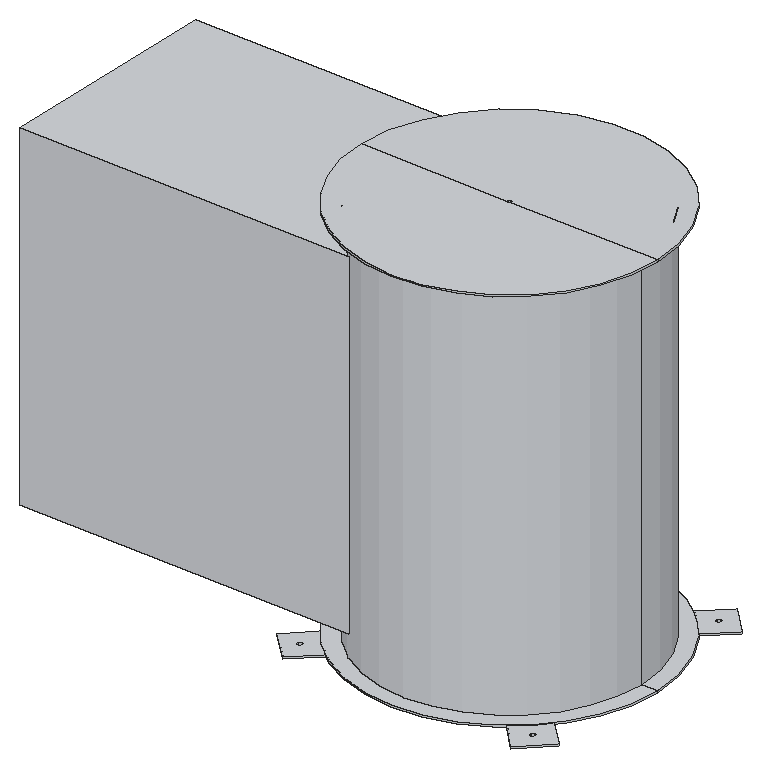
Revit family "AFB-S_Upblast_Floor_Mount", category Mechanical Equipment, Revit 2019
Family settings
  Round Connector Dimension = Use Radius
  Part Type = Normal
  Work Plane-Based = No
  Always vertical = Yes
  Cut with Voids When Loaded = No
  Shared = No
  Room Calculation Point = No
Parameters (values of type "20_AFB-S_UPBLAST_FLOOR")
  Unit Weight [instance] = ""
  ModelID [instance] = ""
  L/2 = L / 2  # 0' - 9 5/16"
  L = 1' - 6 5/8"
  K/2 = K / 2  # 0' - 0 3/16"
  K = 0' - 0 3/8"
  J/2 = J / 2  # 1' - 1 5/32"
  Accessories [instance] = ""
  45 = 45.00°  # constant formula
  (L-1")/2 = (L - 0' 1") / 2  # 0' - 8 13/16"
  (J+(J-A))/2 = (J + ((J - A) / 2)) / 2  # 1' - 2 33/64"
  J = 2' - 2 5/16"
  CENTER = 0' - 0"  # constant formula
  H-(A/2) = H - (A / 2)  # 1' - 9 11/16"
  H+J = H + CENTER  # 2' - 8 1/8"
  H = 2' - 8 1/8"
  Sones [instance] = ""
  Motor RPM [instance] = ""
  Motor Enclosure [instance] = ""
  LwA [instance] = ""
  G = 6' - 0"
  Fan RPM [instance] = ""
  F/2 = F / 2  # 0' - 0 5/32"
  F = 0' - 0 5/16"
  E/2 = E / 2  # 1' - 3 1/2"
  E-2" = E - 0' 2"  # 2' - 5"
  E = 2' - 7"
  C/2+J = C / 2 + CENTER  # 0' - 11 3/16"
  C/2 = C / 2  # 0' - 11 3/16"
  C = 1' - 10 3/8"
  B/2 = B / 2  # 0' - 11 27/32"
  B = 1' - 11 11/16"
  A/3 = A / 2.5  # 0' - 8.35"
  A/2 = A / 2  # 0' - 10 7/16"
  A = 1' - 8 7/8"
  60 = 60.00°  # constant formula
  30 = 30.00°  # constant formula
  3" = 0' - 3"  # constant formula
  Brake Hp [instance] = ""
  4" = 0' - 4"  # constant formula
  2' = 2' - 0"
  2" = 0' - 2"  # constant formula
  1" = 0' - 1"  # constant formula
  0 = 0' - 0"  # constant formula
  Voltage [instance] = 0 V
  URL = "www.lorencook.com"
  Type Comments = "Tube Axial Fan Upblast Floor Mount Stainless Steel Construction Belt Drive Arrangement 9"  # constant formula
  Static Pressure [instance] = 0.00 in-wg
  Power [instance] = Voltage * Motor FLA * sqrt(if(Phase = 3, 3, 1))  # 0 VA
  Phase [instance] = 0
  Number of Poles [instance] = 1
  Motor Hp [instance] = "0"
  Motor FLA [instance] = 0 A
  Model = "AFB-S"  # constant formula
  Manufacturer = "Loren Cook Company"
  CFM [instance] = 0 CFM
  1.5 = 0' - 1 1/2"  # constant formula
  ONE EIGTH = 0' - 0 1/8"  # constant formula
  -E/2 = -E / 2  # -1' - 3 1/2"
  -(E-.25")/2 = -(E - 0' 0 1/4") / 2  # -1' - 3 3/8"
  (K/2)-((J-A-.25")/2) = (K / 2) - ((J - A - 0' 0 1/4") / 2)  # -0' - 2 13/32"
  (J-A-.25") = (J - A - 0' 0 1/4")  # 0' - 5 3/16"
  (H-(A/2))/2 = (H - (A / 2)) / 2  # 0' - 10 27/32"
  (E-.25")/2 = (E - 0' 0 1/4") / 2  # 1' - 3 3/8"
  (A+.25")/2 = (A + 0' 0 1/4") / 2  # 0' - 10 9/16"
Types (10): name | L/2 | L | K/2 | K | J/2 | (L-1")/2 | (J+(J-A))/2 | J | H-(A/2) | H+J | H | F/2 | F | E/2 | E-2" | E | C/2+J | C/2 | C | B/2 | B | A/3 | A/2 | A | -E/2 | -(E-.25")/2 | (K/2)-((J-A-.25")/2) | (J-A-.25") | (H-(A/2))/2 | (E-.25")/2 | (A+.25")/2
  (no name) | 0' - 9 5/16" | 1' - 6 5/8" | 0' - 0 3/16" | 0' - 0 3/8" | 1' - 1 5/32" | 0' - 8 13/16" | 1' - 2 33/64" | 2' - 2 5/16" | 1' - 9 11/16" | 2' - 8 1/8" | 2' - 8 1/8" | 0' - 0 5/32" | 0' - 0 5/16" | 1' - 3 1/2" | 2' - 5" | 2' - 7" | 0' - 11 3/16" | 0' - 11 3/16" | 1' - 10 3/8" | 0' - 11 27/32" | 1' - 11 11/16" | 0' - 8.35" | 0' - 10 7/16" | 1' - 8 7/8" | -1' - 3 1/2" | -1' - 3 3/8" | -0' - 2 13/32" | 0' - 5 3/16" | 0' - 10 27/32" | 1' - 3 3/8" | 0' - 10 9/16"
  12_AFB-S_UPBLAST_FLOOR | 0' - 6 3/8" | 1' - 0 3/4" | 0' - 0 3/16" | 0' - 0 3/8" | 0' - 9 1/32" | 0' - 5 7/8" | 0' - 10 21/64" | 1' - 6 1/16" | 1' - 6 3/16" | 2' - 0 5/8" | 2' - 0 5/8" | 0' - 0 5/32" | 0' - 0 5/16" | 0' - 11" | 1' - 8" | 1' - 10" | 0' - 7 5/16" | 0' - 7 5/16" | 1' - 2 5/8" | 0' - 7 13/16" | 1' - 3 5/8" | 0' - 5.15" | 0' - 6 7/16" | 1' - 0 7/8" | -0' - 11" | -0' - 10 7/8" | -0' - 2 9/32" | 0' - 4 15/16" | 0' - 9 3/32" | 0' - 10 7/8" | 0' - 6 9/16"
  16_AFB-S_UPBLAST_FLOOR | 0' - 7 13/16" | 1' - 3 5/8" | 0' - 0 3/16" | 0' - 0 3/8" | 0' - 11 1/32" | 0' - 7 5/16" | 1' - 0 21/64" | 1' - 10 1/16" | 1' - 9 11/16" | 2' - 6 1/8" | 2' - 6 1/8" | 0' - 0 5/32" | 0' - 0 5/16" | 1' - 0 1/2" | 1' - 11" | 2' - 1" | 0' - 9 5/16" | 0' - 9 5/16" | 1' - 6 5/8" | 0' - 9 13/16" | 1' - 7 5/8" | 0' - 6 3/4" | 0' - 8 7/16" | 1' - 4 7/8" | -1' - 0 1/2" | -1' - 0 3/8" | -0' - 2 9/32" | 0' - 4 15/16" | 0' - 10 27/32" | 1' - 0 3/8" | 0' - 8 9/16"
  18_AFB-S_UPBLAST_FLOOR | 0' - 8 1/2" | 1' - 5" | 0' - 0 3/16" | 0' - 0 3/8" | 1' - 0 1/32" | 0' - 8" | 1' - 1 21/64" | 2' - 0 1/16" | 1' - 9 11/16" | 2' - 7 1/8" | 2' - 7 1/8" | 0' - 0 5/32" | 0' - 0 5/16" | 1' - 0 1/2" | 1' - 11" | 2' - 1" | 0' - 10 5/16" | 0' - 10 5/16" | 1' - 8 5/8" | 0' - 10 13/16" | 1' - 9 5/8" | 0' - 7.55" | 0' - 9 7/16" | 1' - 6 7/8" | -1' - 0 1/2" | -1' - 0 3/8" | -0' - 2 9/32" | 0' - 4 15/16" | 0' - 10 27/32" | 1' - 0 3/8" | 0' - 9 9/16"
  24_AFB-S_UPBLAST_FLOOR | 0' - 10 7/8" | 1' - 9 3/4" | 0' - 0 3/16" | 0' - 0 3/8" | 1' - 3 13/32" | 0' - 10 3/8" | 1' - 4 57/64" | 2' - 6 13/16" | 2' - 3 7/16" | 3' - 3 7/8" | 3' - 3 7/8" | 0' - 0 7/32" | 0' - 0 7/16" | 1' - 3 1/2" | 2' - 5" | 2' - 7" | 1' - 1 7/16" | 1' - 1 7/16" | 2' - 2 7/8" | 1' - 2 9/16" | 2' - 5 1/8" | 0' - 9.95" | 1' - 0 7/16" | 2' - 0 7/8" | -1' - 3 1/2" | -1' - 3 3/8" | -0' - 2 21/32" | 0' - 5 11/16" | 1' - 1 23/32" | 1' - 3 3/8" | 1' - 0 9/16"
  28_AFB-S_UPBLAST_FLOOR | 1' - 0 5/16" | 2' - 0 5/8" | 0' - 0 3/16" | 0' - 0 3/8" | 1' - 5 13/32" | 0' - 11 13/16" | 1' - 6 57/64" | 2' - 10 13/16" | 2' - 3 7/16" | 3' - 5 7/8" | 3' - 5 7/8" | 0' - 0 7/32" | 0' - 0 7/16" | 1' - 3 1/2" | 2' - 5" | 2' - 7" | 1' - 3 7/16" | 1' - 3 7/16" | 2' - 6 7/8" | 1' - 4 9/16" | 2' - 9 1/8" | 0' - 11.55" | 1' - 2 7/16" | 2' - 4 7/8" | -1' - 3 1/2" | -1' - 3 3/8" | -0' - 2 21/32" | 0' - 5 11/16" | 1' - 1 23/32" | 1' - 3 3/8" | 1' - 2 9/16"
  32_AFB-S_UPBLAST_FLOOR | 1' - 2 1/8" | 2' - 4 1/4" | 0' - 0 7/32" | 0' - 0 7/16" | 1' - 7 31/32" | 1' - 1 5/8" | 1' - 9 45/64" | 3' - 3 15/16" | 2' - 4 3/4" | 3' - 9 1/4" | 3' - 9 1/4" | 0' - 0 7/32" | 0' - 0 7/16" | 1' - 5" | 2' - 8" | 2' - 10" | 1' - 5 1/2" | 1' - 5 1/2" | 2' - 11" | 1' - 6 5/8" | 3' - 1 1/4" | 1' - 1.2" | 1' - 4 1/2" | 2' - 9" | -1' - 5" | -1' - 4 7/8" | -0' - 3 1/8" | 0' - 6 11/16" | 1' - 2 3/8" | 1' - 4 7/8" | 1' - 4 5/8"
  36_AFB-S_UPBLAST_FLOOR | 1' - 3 17/32" | 2' - 7 1/16" | 0' - 0 7/32" | 0' - 0 7/16" | 1' - 9 31/32" | 1' - 3 1/32" | 1' - 11 45/64" | 3' - 7 15/16" | 2' - 4 3/4" | 3' - 11 1/4" | 3' - 11 1/4" | 0' - 0 7/32" | 0' - 0 7/16" | 1' - 5" | 2' - 8" | 2' - 10" | 1' - 7 1/2" | 1' - 7 1/2" | 3' - 3" | 1' - 8 11/16" | 3' - 5 3/8" | 1' - 2.8" | 1' - 6 1/2" | 3' - 1" | -1' - 5" | -1' - 4 7/8" | -0' - 3 1/8" | 0' - 6 11/16" | 1' - 2 3/8" | 1' - 4 7/8" | 1' - 6 5/8"
  14_AFB-S_UPBLAST_FLOOR | 0' - 7 3/32" | 1' - 2 3/16" | 0' - 0 3/16" | 0' - 0 3/8" | 0' - 10 1/32" | 0' - 6 19/32" | 0' - 11 21/64" | 1' - 8 1/16" | 1' - 6 3/16" | 2' - 1 5/8" | 2' - 1 5/8" | 0' - 0 5/32" | 0' - 0 5/16" | 0' - 11" | 1' - 8" | 1' - 10" | 0' - 8 5/16" | 0' - 8 5/16" | 1' - 4 5/8" | 0' - 8 27/32" | 1' - 5 11/16" | 0' - 5.95" | 0' - 7 7/16" | 1' - 2 7/8" | -0' - 11" | -0' - 10 7/8" | -0' - 2 9/32" | 0' - 4 15/16" | 0' - 9 3/32" | 0' - 10 7/8" | 0' - 7 9/16"
  20_AFB-S_UPBLAST_FLOOR | 0' - 9 5/16" | 1' - 6 5/8" | 0' - 0 3/16" | 0' - 0 3/8" | 1' - 1 5/32" | 0' - 8 13/16" | 1' - 2 33/64" | 2' - 2 5/16" | 1' - 9 11/16" | 2' - 8 1/8" | 2' - 8 1/8" | 0' - 0 5/32" | 0' - 0 5/16" | 1' - 3 1/2" | 2' - 5" | 2' - 7" | 0' - 11 3/16" | 0' - 11 3/16" | 1' - 10 3/8" | 0' - 11 27/32" | 1' - 11 11/16" | 0' - 8.35" | 0' - 10 7/16" | 1' - 8 7/8" | -1' - 3 1/2" | -1' - 3 3/8" | -0' - 2 13/32" | 0' - 5 3/16" | 0' - 10 27/32" | 1' - 3 3/8" | 0' - 10 9/16"
Reference planes (in)
  plane 1 "Center (Front/Back)": y = 0
  plane 2: z = 0
  plane 3 "Center (Left/Right)": x = 0.40541
Forms (in)
  Revolve 1, solid
    sketch origin (0, 0, 0) x (1, 0, 0) y (0, 0, 1)
      loop
        line (0.40541, -15.5) -> (12.24916, -15.5) -> (12.24916, -15.375) -> (10.96791, -15.375) -> (10.96791, 15.375) -> (12.24916, 15.375) -> (12.24916, 15.5) -> (0.40541, 15.5) -> (0.40541, -15.5)
      axis (0.40541, -15.5) -> (0.40541, 15.5)
    angle from 0 to 360
  Extrusion 2, solid
    sketch origin (0.40541, 0, 15.375) x (1, 0, 0) y (0, -1, 0)
      loop
        arc (-5.82291, -8.8125) -> (-10.5625, 0) -> (-5.82291, 8.8125) r 10.5625
        line (-5.82291, 8.8125) -> (-32.125, 8.8125) -> (-32.125, -8.8125) -> (-5.82291, -8.8125)
    from 29 <- "E-2"" to 2
  Extrusion 3, void
    sketch origin (0, 0, 0) x (1, 0, 0) y (0, 1, 0)
      loop
        circle (0.40541, 0) r 0.125
    from -15.5 <- "-E/2" to 15.5 <- "E/2"
  Extrusion 4, solid
    sketch origin (0.40541, 0, -15.375) x (1, 0, 0) y (0, 1, 0)
      loop
        arc (-9.14849, 11.26981) -> (-10.2641, 10.2641) -> (-11.26981, 9.14849) r 14.51562
        line (-11.26981, 9.14849) -> (-9.36802, 7.2467)
        arc (-9.36802, 7.2467) -> (-8.3748, 8.3748) -> (-7.2467, 9.36802) r 11.84375
        line (-7.2467, 9.36802) -> (-9.14849, 11.26981)
      loop
        arc (9.14849, -11.26981) -> (10.2641, -10.2641) -> (11.26981, -9.14849) r 14.51562
        line (11.26981, -9.14849) -> (9.36802, -7.2467)
        arc (9.36802, -7.2467) -> (8.3748, -8.3748) -> (7.2467, -9.36802) r 11.84375
        line (7.2467, -9.36802) -> (9.14849, -11.26981)
      loop
        arc (-11.26981, -9.14849) -> (-10.2641, -10.2641) -> (-9.14849, -11.26981) r 14.51562
        line (-9.14849, -11.26981) -> (-7.2467, -9.36802)
        arc (-7.2467, -9.36802) -> (-8.3748, -8.3748) -> (-9.36802, -7.2467) r 11.84375
        line (-9.36802, -7.2467) -> (-11.26981, -9.14849)
      loop
        arc (11.26981, 9.14849) -> (10.2641, 10.2641) -> (9.14849, 11.26981) r 14.51562
        line (9.14849, 11.26981) -> (7.2467, 9.36802)
        arc (7.2467, 9.36802) -> (8.3748, 8.3748) -> (9.36802, 7.2467) r 11.84375
        line (9.36802, 7.2467) -> (11.26981, 9.14849)
    from 0 to -0.125
  Extrusion 5, void
    sketch origin (0, 0, 0) x (1, 0, 0) y (0, 1, 0)
      loop
        circle (9.71791, 9.3125) r 0.1875
      loop
        circle (-8.90709, 9.3125) r 0.1875
      loop
        circle (-8.90709, -9.3125) r 0.1875
      loop
        circle (9.71791, -9.3125) r 0.1875
    from 15.5 <- "E/2" to -15.5 <- "-E/2"
Cuts and joins
  Extrusion 3, Extrusion 5 cuts Revolve 1
  Extrusion 3, Extrusion 5 cuts Extrusion 2
  Extrusion 5 cuts Extrusion 4
Dimensions and locks (in)
  "0": Revolve 1 sketch curve to plane 3 "Center (Left/Right)"  (x2)
  "(A+.25")/2": Revolve 1 sketch curve to plane 3 "Center (Left/Right)"
  "B/2": Revolve 1 sketch curve to plane 3 "Center (Left/Right)"  (x2)
  "ONE EIGTH": Revolve 1 sketch curve to Revolve 1 sketch curve  (x2)
  "E": Revolve 1 sketch curve to Revolve 1 sketch curve
  "E/2": level to Revolve 1 sketch curve
  "H": Extrusion 2 sketch curve to plane 3 "Center (Left/Right)"
  "(L-1")/2": Extrusion 2 sketch curve to plane 1 "Center (Front/Back)"  (x2)
  "0": Extrusion 2 sketch curve to plane 3 "Center (Left/Right)"
  "0": Extrusion 2 sketch curve to plane 1 "Center (Front/Back)"
  "0": Extrusion 3 sketch curve to plane 3 "Center (Left/Right)"
  "0": plane 1 "Center (Front/Back)" to Extrusion 3 sketch curve
  "0": Extrusion 4 sketch curve to plane 3 "Center (Left/Right)"  (x8)
  "0": Extrusion 4 sketch curve to plane 1 "Center (Front/Back)"  (x8)
  "1.5": plane 3 "Center (Left/Right)" to Extrusion 4 sketch curve  (x3)
  "3"": Extrusion 4 sketch curve to Extrusion 4 sketch curve  (x4)
  "1.5": Extrusion 4 sketch curve to plane 3 "Center (Left/Right)"
  "L/2": plane 3 "Center (Left/Right)" to Extrusion 5 sketch curve  (x4)
  "L/2": plane 1 "Center (Front/Back)" to Extrusion 5 sketch curve  (x4)
  "(A+.25")/2": radius of Extrusion 2 sketch curve
  "ONE EIGTH": radius of Extrusion 3 sketch curve
  "(J+(J-A))/2": radius of Extrusion 4 sketch curve  (x4)
  "B/2": radius of Extrusion 4 sketch curve  (x4)
  "K/2": radius of Extrusion 5 sketch curve  (x4)
  "45": angle Extrusion 4 sketch curve to plane 3 "Center (Left/Right)"
  "45": angle Extrusion 4 sketch curve to plane 1 "Center (Front/Back)"  (x2)
  "45": angle plane 1 "Center (Front/Back)" to Extrusion 4 sketch curve
Automatic sketch dimensions
  Revolve 1 sketch curve to Revolve 1 sketch curve = 0' - 0"
  Revolve 1 sketch curve to Revolve 1 sketch curve = 1' - 6"
  Extrusion 2 sketch curve to Extrusion 2 sketch curve = 0' - 0"
Connectors (in)
  electrical at (-18.56854, -8.8125, -0.125)
    settings: on Extrusion 2, index 1, voltage 0 V, apparent load 0 VA, apparent load phase1 0 VA, apparent load phase2 0 VA, apparent load phase3 0 VA, power factor 1, load classification "Other", number of poles 1, system type 30, power factor state 1, is connector primary yes, connector utility no, sub classification motor no, connector description ""
  hvac at (0.40541, 0, 15.375), driven by "A/2"
    settings: on Revolve 1, index 2, duct flow 0 CFM, flow factor 0, pres drop 0.00 in-wg, loss coef 0, conn angle 0.00°, conn width 12", conn height 12", conn diameter 20 7/8", duct sys type 29, conn prof type 0, flow config 0, flow direction 2, loss method 0, conn ref index -1, conn util no, is conn primary yes, conn desc ""
  hvac at (0.40541, 0, -15.5), driven by "A/2"
    settings: on cut or joined group of Revolve 1, Extrusion 3, Extrusion 5, index 4, duct flow 0 CFM, flow factor 0, pres drop 0.00 in-wg, loss coef 0, conn angle 0.00°, conn width 12", conn height 12", conn diameter 20 7/8", duct sys type 29, conn prof type 0, flow config 0, flow direction 1, loss method 0, conn ref index -1, conn util no, is conn primary no, conn desc ""
